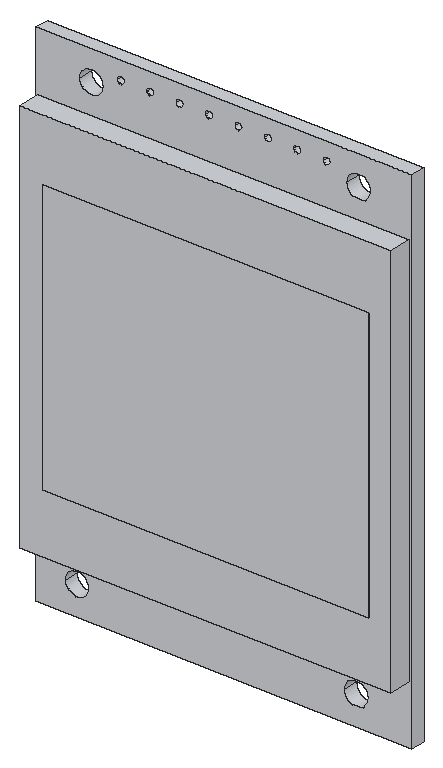
Revit family "1.54TFT_SCREEN", category Sistema de mobiliário, Revit 2024
Family settings
  Cota do conector redondo = Utilizar diâmetro
  Tipo de parte = Normal
  Com base no plano de trabalho = Não
  Ativar corte nas vistas = Não
  Sempre na vertical = Sim
  Corte com vazios quando carregada = Não
  Compartilhado = Não
  Ponto de cálculo do ambiente = Não
Parameters
  Elevação padrão = 0 mm
Reference planes
  plane 1 "Centro (Frente/Trás)": y = 0
  plane 2: z = 0
  plane 3 "Centro (Esquerda/Direita)": x = 0
Forms (mm)
  Extrusion 1, solid
    sketch origin (0, 0, 0) x (1, 0, 0) y (0, 1, 0)
      loop
        line (-16, 0) -> (-16, -1.2) -> (16, -1.2) -> (16, 0) -> (-16, 0)
    from 0 to 43.7
  Extrusion 2, solid
    sketch origin (0, -0.1, 0) x (1, 0, 0) y (0, 1, 0)
      loop
        line (-13.86, -2.259) -> (-13.86, -3.1) -> (13.86, -3.1) -> (13.86, -2.259) -> (-13.86, -2.259)
    from 10.053 to 33.294
  Extrusion 3, void
    sketch origin (0, 0, 0) x (1, 0, 0) y (0, 0, 1)
      loop
        circle (-12.484, 2.5) r 1
      loop
        circle (11.263, 2.5) r 1
      loop
        circle (11.465, 41.2) r 1
      loop
        circle (-11.271, 41.176) r 1
    from 0 to 250
  Extrusion 4, solid
    sketch origin (0, -0.1, 0) x (1, 0, 0) y (0, 1, 0)
      loop
        line (-15.76, -1.2) -> (-15.76, -3.1) -> (15.76, -3.1) -> (15.76, -1.2) -> (-15.76, -1.2)
    from 5 to 38.7
  Extrusion 5, void
    sketch origin (-1.25, 0, 0) x (1, 0, 0) y (0, 0, 1)
      loop
        circle (0, 42.2) r 0.3
      loop
        circle (2.5, 42.2) r 0.3
      loop
        circle (5, 42.2) r 0.3
      loop
        circle (7.5, 42.2) r 0.3
      loop
        circle (10, 42.2) r 0.3
      loop
        circle (-2.5, 42.2) r 0.3
      loop
        circle (-5, 42.2) r 0.3
      loop
        circle (-7.5, 42.2) r 0.3
    from 0 to 250
Cuts and joins
  Extrusion 3, Extrusion 5 cuts Extrusion 1
Lines and regions (mm)
  model lines
    curve 1: line (-18.345, 0, 2.5) -> (25.713, 0, 2.5)
    curve 2: line (-18.345, 0, 42.2) -> (22.782, 0, 42.2)
    curve 3: line (-13.86, 0, 51.104) -> (-13.86, 0, -3.896)
    curve 4: line (13.86, 0, 51.104) -> (13.86, 0, -3.896)
Dimensions and locks
  Extrusion 1 to level = 43.7 mm
  Extrusion 1 to Extrusion 1 = 32 mm
  Extrusion 2 to Extrusion 2 = 0.841 mm
  Extrusion 1 to Extrusion 1 = 1.2 mm
  Extrusion 2 to Extrusion 1 = 3.2 mm
  Extrusion 2 to cut or joined group of Extrusion 1, Extrusion 3, Extrusion 5 = 2.14 mm
  cut or joined group of Extrusion 1, Extrusion 3, Extrusion 5 to Extrusion 2 = 2.14 mm
  aligned and locked: level to plane 2
